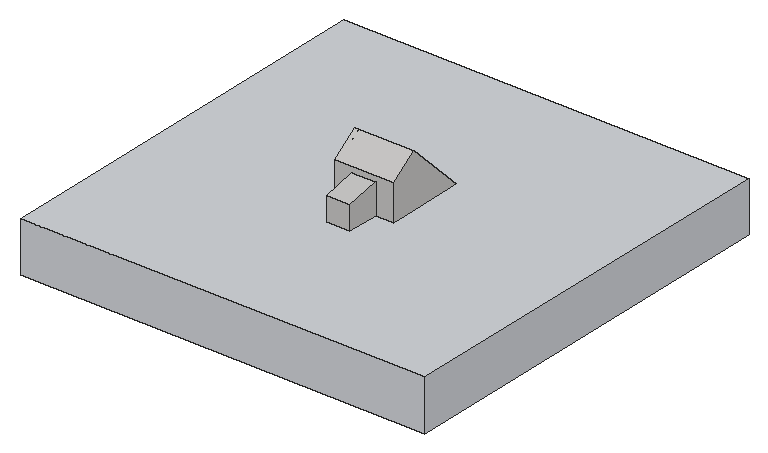
Revit family
Parameters (values of type "1702-W-1")
  Waste Connection = yes
  WA4- Waste Adapter to 2" No-Hub = no
  WA3- Waste Adapter to 2" NPT Female = no
  WA2- Waste Adapter to 2" NPT Male = no
  WA1- Waste Adapter to 2" NCT Female = no
  W- Wall Supply (Concealed) = yes
  Vent Connection = no
  URL = "http://www.acorneng.com"
  Type Comments = ""
  TF- Transformer, 120VAC to 24VAC = no
  T- Top Supply (Exposed) = no
  Model = "1702-W-1"
  Manufacturer = "Acorn Engineering"
  MVCFV- Time-Trol Electronic F.V. (N/A w/ Top Supply) = no
  HW Connection = no
  FVT- Flush Valve Thru-Wall Connection = no
  FVL- Flush Valve w/ ADA Lever Handle = no
  FVH- Flush Valve Hydraulic (N/A for Top Supply) = no
  FVCH- Flush Valve Cover w/ Hydraulic F.V. = no
  FVC- Flush Valve Cover w/ Mechanical F.V. (N/A for ADA) = no
  FVBO- Flush Valve By Others = no
  FV- Flush Valve Mechanical (N/A for ADA) = no
  FG- 14 Gage Housing = no
  EVSPFV-Electronic Flush Valve w/ Piezo Pushbutton (N/A for Top Supply) = no
  EVSFV-Electronic Flush Valve (N/A for Top Supply) = no
  EG-Enviro-Glaze Color Specify = no
  Designed By = "ATS BIM TEAM"
  Description = "Washout Urinal"
  Default Elevation = 2' - 0"
  CW Connection = yes
  CFR- Continuous Flushing Rim = no
  1.5 GPF = no
  1.0 GPF = no
  1- Off- Floor, Wall Outlet = no
Reference planes (in)
  plane 1 "Center (Front/Back)": y = 0
  plane 2: z = 0
  plane 3 "Center (Left/Right)": x = 0
  plane 4: y = -24
  plane 5: y = 12
  plane 6: y = -6
  plane 7: y = -13.5
  plane 8: y = -7.625
  plane 9: y = 10.625
Forms (in)
  Extrusion 1, solid
    sketch origin (0, 0, 0) x (1, 0, 0) y (0, 1, 0)
      loop
        line (-48, 48) -> (-48, -48) -> (48, -48) -> (48, 48) -> (-48, 48)
    from 0 to -12
  Extrusion 2, solid, material "Type 304 Stainless Steel"
    sketch origin (-7.04741, -5.40329, -0.08429) x (0, 0, -1) y (0, 1, 0)
      loop
        line (-0.19834, 18) -> (-12.59712, 5.40329) -> (-8.44302, -0.59671) -> (-0.08429, -0.59671) -> (-0.08429, 17.062) -> (-0.08429, 17.937) -> (-0.08429, 18) -> (-0.19834, 18)
    from 0 to 14
  Extrusion 3, void
    sketch origin (0, -5.40329, 0) x (0, 1, 0) y (0, 0, 1)
      loop
        line (16.55975, 1.53167) -> (5.70274, 12.21809) -> (0.29117, 8.47139) -> (0.29117, 0.17549) -> (16.55975, 0.17549) -> (16.55975, 1.53167)
    from -6.24693 to 6.14196
  Extrusion 4, solid, material "Type 304 Stainless Steel"
    sketch origin (0, -5.40329, 0) x (0, 1, 0) y (0, 0, 1)
      loop
        line (0, 0) -> (0, 7.22101) -> (-8.09671, 5.5) -> (-8.09671, 0) -> (0, 0)
    from -2.79741 to 2.70309
  Revolve 5, solid, material "Type 304 Stainless Steel"
    sketch origin (34.92, 10.62746, 41.87329) x (1, 0, 0) y (0, 0, -1)
      loop
        line (-36.17054, 41.87329) -> (-34.90709, 41.87329) -> (-34.90709, 43.29992) -> (-35.41222, 43.29992) -> (-35.44308, 43.26905) -> (-35.4081, 43.23407) -> (-35.44401, 43.19816) -> (-35.40909, 43.15799) -> (-35.44308, 43.124) -> (-35.4081, 43.08902) -> (-35.44401, 43.05311) -> (-35.41222, 43.00981) -> (-35.44308, 42.97895) -> (-35.4081, 42.94397) -> (-35.44401, 42.90806) -> (-35.40909, 42.86789) -> (-35.44308, 42.8339) -> (-35.4081, 42.79891) -> (-35.44401, 42.763) -> (-35.41222, 42.71971) -> (-35.44308, 42.68884) -> (-35.4081, 42.65386) -> (-35.44401, 42.61795) -> (-35.40909, 42.57778) -> (-35.44308, 42.54379) -> (-35.4081, 42.50881) -> (-35.44401, 42.4729) -> (-35.40646, 42.43536) -> (-35.44554, 42.43536) -> (-35.44554, 42.27509) -> (-36.17054, 42.27509) -> (-36.17054, 41.87329)
      axis (-34.90709, 41.87329) -> (-34.90709, 43.29992)
    angle from 0 to 360
  Extrusion 6, void
    sketch origin (0, -5.40329, 0) x (1, 0, 0) y (0, 0, 1)
      loop
        circle (0, 5.5) r 1.5
    from -0.91556 to 0.5
  Extrusion 7, solid
    sketch origin (0.10938, -0.46875, 0) x (1, 0, 0) y (0, 1, 0)
      loop
        circle (-0.1066, 11.0934) r 0.5
    from -1.67933 to -1.42663
  Extrusion 8, solid
    sketch origin (0, 0, 0) x (1, 0, 0) y (0, 1, 0)
      loop
        circle (0, -7.625) r 1.188
    from 0 to 0.17549
Cuts and joins
  Extrusion 3, Extrusion 6 cuts Extrusion 2
  Extrusion 6 cuts Extrusion 4
  joined: Extrusion 2, Extrusion 4
Dimensions and locks (in)
  plane 5 to cut or joined group of Extrusion 2, Extrusion 3, Extrusion 4, Extrusion 6 = 1' - 6"
  plane 5 to plane 1 "Center (Front/Back)" = 1' - 0"
  plane 1 "Center (Front/Back)" to plane 4 = 2' - 0"  (x2)
  plane 1 "Center (Front/Back)" to plane 6 = 0' - 6"
  plane 1 "Center (Front/Back)" to plane 7 = 1' - 1 1/2"
  locked: plane 8 to plane 1 "Center (Front/Back)" at 7.625
  locked: plane 9 to plane 8 at 18.25
  aligned and locked: plane 2 to Extrusion 1
  aligned and locked: level to Extrusion 1
Connectors (in)
  piping at (0.00277, 10.62465, -1.67933)
    settings: on Extrusion 7, index 1
  piping at (0, -7.625, 0)
    settings: on Extrusion 8, index 2
